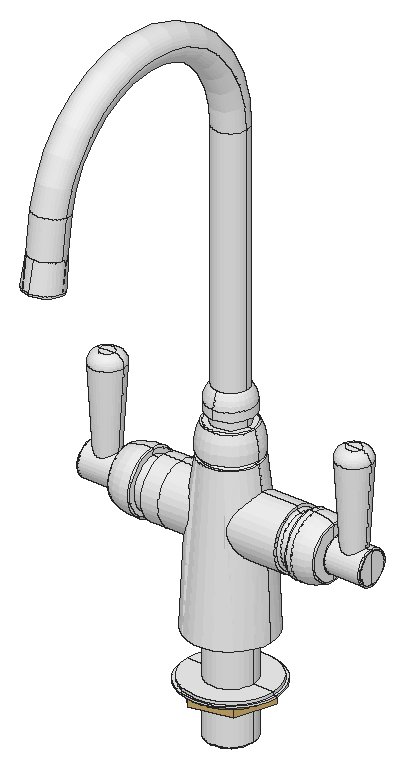
Revit family "Sanitary_Taps&Mixers_Zurn_Z826B1-XL", category Plumbing Fixtures, host Face, Revit 2022
Family settings
  Host = Face
  Round Connector Dimension = Use Radius
  Part Type = Normal
  OmniClass Number = 23.45.55.17
  OmniClass Title = Mixing Faucets
  Cut with Voids When Loaded = No
  Maintain Annotation Orientation = No
  Shared = No
  Room Calculation Point = No
Parameters (values of type "Z826B1-XL-16F (1.0 GPM SPRAY OUTLET)")
  Width of Handle = 2 1/2"  # constant formula
  Water Sense Compliance = 1 = 0  # no
  Waste Connection = 1 = 0  # no
  WFU = 0  # constant formula
  Vent Connection = 1 = 0  # no
  URL = "http://www.zurn.com/"
  Types of Outlet = "SPRAY"
  Spout Height from Base = 13 3/8"  # constant formula
  Spout length = 5 3/8"  # constant formula
  Product data URL = "https://www.bimobject.com/en-us/zurnindustries/product/zurn-z826b1-xl"
  Product Page URL = "https://www.zurn.com/products/finish-plumbing/aquaspec-manual-faucets/manual-faucets/z826b1-xl"
  Product Documentation Link = "https://files.zurn.com/spec-sheets/ss-z826b1-xl.pdf"
  Modified Date = "09/01/2025"  # constant formula
  Model = "Z826B1-XL"  # constant formula
  Manufacturer Brand = "Zurn"  # constant formula
  Manufacturer = "Zurn Water, LLC"  # constant formula
  Main Material = Brass - Zurn - Polished Chrome-Finish
  Lead- Free Compliant = 1 = 1  # yes
  Inlet Connection Size (inch) = 1/2"  # constant formula
  HWFU = 0  # constant formula
  HW Connection = 1 = 1  # yes
  Flow  Rate = 1 GPM
  Height from Spout Base to Areator = 9 1/4"  # constant formula
  Description = "Laboratory Faucet - Double"  # constant formula
  Default Elevation = 34"  # constant formula
  Date Created = "09/01/2025"  # constant formula
  CWFU = 1  # constant formula
  CW Connection = 1 = 1  # yes
  Assembly Code = "D2010"
  ADA Compliance = 1 = 1  # yes
Types (9): name | Types of Outlet | Flow  Rate
  Z826B1-XL-2F (2.2 GPM AERATOR OUTLET) | "AERATOR" | 2.2 GPM
  Z826B1-XL-3F (0.5 GPM SPRAY OUTLET) | "SPRAY" | 0.5 GPM
  Z826B1-XL-4F (2.2 GPM LAMINAR OUTLET) | "LAMINAR" | 2.2 GPM
  Z826B1-XL-16F (1.0 GPM SPRAY OUTLET) | "SPRAY" | 1 GPM
  Z826B1-XL-17F (1.5 GPM AERATOR OUTLET) | "AERATOR" | 1.5 GPM
  Z826B1-XL-18F (1.5 GPM LAMINAR OUTLET) | "LAMINAR" | 1.5 GPM
  Z826B1-XL-22F (1.0 GPM LAMINAR OUTLET) | "LAMINAR" | 1 GPM
  Z826B1-XL-25F (0.35 GPM SPRAY OUTLET) | "SPRAY" | 0.35 GPM
  Z826B1-XL-28F (0.5 GPM LAMINAR OUTLET) | "LAMINAR" | 0.5 GPM
Reference planes (in)
  plane 1 "Center (Front/Back)": y = 0
  plane 2: z = 0
  plane 3 "Center (Left/Right)": x = 0
Dimensions and locks (in)
  aligned and locked: plane 2 to host face
  aligned and locked: level to host face
  aligned and locked: plane 3 "Center (Left/Right)" to nested 1
  aligned and locked: plane 1 "Center (Front/Back)" to nested 1
  aligned and locked: host face to nested 1
Nested families (in)
  nested 1: "Z826B" at (0, 0, 0), type "Z826B"
Connectors (in)
  piping at (0, 0, -2.25), diameter 1, driven by "Inlet Connection Size (inch)", driven by "Flow  Rate", driven by "CW Connection"
    settings: on nested 1, index 1, connector inside diameter 609.6 mm, connector length 0", flow factor 0, pipe flow 1 GPM, pressure drop 0.0 Pa, fitting loss kfactor 0, connector angle 0.00°, fixture units 0, engagement length 0", angle of deflection 0.00°, flow configuration 0, flow direction 1, fitting loss method 0, system type 7, joint type 0, gender type 0, connector reference index -1, connector utility 1, adjustable connector no, is connector primary yes, connector description "Mixing Water Supply"
Definition of nested family "Z826B"
  Parameters (values of type "Z826B")
    Waste Connection = no
    Vent Connection = no
    Product Material = none
    HWFU = 0
    HW Connection = yes
    Diameter = 3/8"
    Default Elevation = 0"
    CWFU = 0
    CW Connection = yes
  Reference planes (in)
    plane 1 "Center (Front/Back)": y = 0
    plane 2: z = 0
    plane 3 "Center (Left/Right)": x = 0
    plane 4: y = -5.86492
    plane 5: y = 0.89331
    plane 6: x = 3.28435
    plane 7: x = -3.28435
  Forms (in)
    Revolve 1, solid, material <- "Product Material", detail levels fine
      sketch origin (0, 0, 0) x (1, 0, 0) y (0, 0, 1)
        loop
          line (0.53134, 0) -> (0.94061, 0)
          arc (0.94061, 0) -> (0.86215, 1.80492) -> (0.65815, 3.6) r 25.92061
          line (0.65815, 3.6) -> (0.59033, 3.6)
          arc (0.59033, 3.6) -> (0.55009, 3.61667) -> (0.53343, 3.6569) r 0.0569
          line (0.53343, 3.6569) -> (0.53343, 3.7) -> (0.66604, 3.7)
          arc (0.66604, 3.7) -> (0.65269, 4.00653) -> (0.5604, 4.29913) r 1.1742
          arc (0.5604, 4.29913) -> (0.5481, 4.31378) -> (0.53013, 4.32032) r 0.03696
          line (0.53013, 4.32032) -> (0.40382, 4.32032) -> (0.40382, 4.54775) -> (0, 4.54775) -> (0, 3.7) -> (0, 0) -> (0, -1.09636) -> (0.97884, -1.09636) -> (1.06766, -1.09636) -> (1.06766, -1.062) -> (1.00238, -1.062) -> (1.00238, -1) -> (0.53134, -1) -> (0.53134, 0)
        loop
          line (0.53134, -1.375) -> (0, -1.375) -> (0, -2.25) -> (0.50712, -2.25) -> (0.53134, -2.21878) -> (0.53134, -1.375)
        axis (0, 4.54775) -> (0, -2.25)
      angle from 0 to 360
    Revolve 2, solid, material <- "Product Material", detail levels fine
      sketch origin (0, 0, 0) x (1, 0, 0) y (0, 0, 1)
        loop
          arc (-2.37154, 1.78028) -> (-2.10924, 1.691) -> (-1.83238, 1.67998) r 0.96454
          arc (-1.83238, 1.67998) -> (-1.81362, 1.68775) -> (-1.80585, 1.70651) r 0.02653
          line (-1.80585, 1.70651) -> (-1.80585, 1.81801) -> (-1.609, 1.81801)
          arc (-1.609, 1.81801) -> (-1.56479, 1.79969) -> (-1.54648, 1.75549) r 0.06252
          line (-1.54648, 1.75549) -> (-1.54648, 1.70053) -> (-1.15278, 1.70053) -> (1.55315, 1.70053) -> (1.55315, 1.76046)
          arc (1.55315, 1.76046) -> (1.57041, 1.80213) -> (1.61208, 1.81939) r 0.05893
          line (1.61208, 1.81939) -> (1.81215, 1.81939) -> (1.81215, 1.71631)
          arc (1.81215, 1.71631) -> (1.82286, 1.69046) -> (1.84871, 1.67975) r 0.03656
          line (1.84871, 1.67975) -> (1.96611, 1.67975)
          arc (1.96611, 1.67975) -> (2.18179, 1.70623) -> (2.38465, 1.78411) r 0.89152
          arc (2.38465, 1.78411) -> (2.39775, 1.79675) -> (2.40215, 1.81441) r 0.03301
          line (2.40215, 1.81441) -> (2.40215, 2.19428) -> (2.46065, 2.19428) -> (2.46065, 2.03199)
          arc (2.46065, 2.03199) -> (2.46929, 2.01112) -> (2.49016, 2.00248) r 0.02951
          line (2.49016, 2.00248) -> (3.26561, 2.00248)
          arc (3.26561, 2.00248) -> (3.28331, 2.00981) -> (3.29065, 2.02752) r 0.02504
          line (3.29065, 2.02752) -> (3.29065, 2.38113) -> (2.40215, 2.38113) -> (0.5689, 2.38113) -> (-3.28435, 2.38113) -> (-3.28435, 2.03665)
          arc (-3.28435, 2.03665) -> (-3.27415, 2.01202) -> (-3.24952, 2.00181) r 0.03483
          line (-3.24952, 2.00181) -> (-2.4773, 2.00181)
          arc (-2.4773, 2.00181) -> (-2.45907, 2.01051) -> (-2.45435, 2.03015) r 0.02346
          line (-2.45435, 2.03015) -> (-2.45435, 2.19839) -> (-2.39585, 2.19839) -> (-2.39585, 1.80953)
          arc (-2.39585, 1.80953) -> (-2.39047, 1.79246) -> (-2.37628, 1.78157) r 0.02975
        axis (-3.28435, 2.38113) -> (3.29065, 2.38113)
      angle from 0 to 360
    Revolve 3, solid, material <- "Product Material"
      sketch origin (0, 0, 0) x (1, 0, 0) y (0, 0, 1)
        loop
          line (-2.86728, 4.75854) -> (-3.03581, 4.75854)
          arc (-3.03581, 4.75854) -> (-3.19254, 4.67829) -> (-3.24435, 4.51001) r 0.22638
          line (-3.24435, 4.51001) -> (-2.86728, 4.51001) -> (-2.86728, 4.75854)
        axis (-2.86728, 4.75854) -> (-2.86728, 4.51001)
      angle from 0 to 360
    Revolve 4, solid, material <- "Product Material"
      sketch origin (0, 0, 0) x (1, 0, 0) y (0, 0, 1)
        loop
          line (-2.86728, 4.51001) -> (-3.24435, 4.51001) -> (-3.13604, 2.62921) -> (-2.86728, 2.62921) -> (-2.86728, 4.51001)
        axis (-2.86728, 4.51001) -> (-2.86728, 2.62921)
      angle from 0 to 360
    Revolve 5, solid, material <- "Product Material"
      sketch origin (5.74293, 0, 0) x (1, 0, 0) y (0, 0, 1)
        loop
          line (-2.86728, 4.51001) -> (-3.24435, 4.51001) -> (-3.13604, 2.62921) -> (-2.86728, 2.62921) -> (-2.86728, 4.51001)
        axis (-2.86728, 4.51001) -> (-2.86728, 2.62921)
      angle from 0 to 360
    Revolve 6, solid, material <- "Product Material"
      sketch origin (5.745, 0, 0) x (1, 0, 0) y (0, 0, 1)
        loop
          line (-2.86728, 4.75854) -> (-3.03581, 4.75854)
          arc (-3.03581, 4.75854) -> (-3.19254, 4.67829) -> (-3.24435, 4.51001) r 0.22638
          line (-3.24435, 4.51001) -> (-2.86728, 4.51001) -> (-2.86728, 4.75854)
        axis (-2.86728, 4.75854) -> (-2.86728, 4.51001)
      angle from 0 to 360
    Revolve 7, solid, material <- "Product Material"
      sketch origin (0, 0, 0) x (0, 1, 0) y (0, 0, 1)
        loop
          line (0, 5.2412) -> (0, 4.75534) -> (0, 4.54543) -> (0.51183, 4.54543) -> (0.51183, 4.74628)
          arc (0.51183, 4.74628) -> (0.36086, 5.10227) -> (0, 5.2412) r 0.4952
        axis (0, 5.2412) -> (0, 4.54543)
      angle from 0 to 360
    Extrusion 8, solid, detail levels fine
      sketch origin (0, 0, 0) x (1, 0, 0) y (0, 1, 0)
        loop
          line (0.29351, 0.89365) -> (-0.62559, 0.69829) -> (-0.91596, -0.19536) -> (-0.28722, -0.89365) -> (0.63189, -0.69829) -> (0.92225, 0.19536) -> (0.29351, 0.89365)
      from -1.375 to -1.175
    Revolve 9, solid, material <- "Product Material", detail levels coarse+medium
      sketch origin (0, 0, 0) x (1, 0, 0) y (0, 0, 1)
        loop
          line (-3.28435, 2.37254) -> (-0.00935, 2.37254) -> (3.28435, 2.37254) -> (3.28435, 2.74751) -> (2.39648, 2.74751) -> (2.39648, 3.06173) -> (1.54648, 3.06173) -> (0.73265, 3.06173) -> (0, 3.06173) -> (-0.73265, 3.06173) -> (-2.37154, 3.06173) -> (-2.37154, 2.74751) -> (-3.28435, 2.74751) -> (-3.28435, 2.37254)
        axis (-3.28435, 2.37254) -> (3.28435, 2.37254)
      angle from 0 to 360
    Revolve 10, solid, material <- "Product Material", detail levels coarse+medium
      sketch origin (0, 0, 0) x (1, 0, 0) y (0, 0, 1)
        loop
          line (0, 4.54543) -> (0, 0) -> (0.54032, 0) -> (0.94061, 0) -> (0.94061, 3.6) -> (0.41454, 3.6) -> (0.41454, 4.54543) -> (0, 4.54543)
        axis (0, 4.54543) -> (0, 0)
      angle from 0 to 360
    Revolve 11, solid, material <- "Product Material", detail levels coarse+medium
      sketch origin (0, 0, 0) x (1, 0, 0) y (0, 0, 1)
        loop
          line (0, 0) -> (0, -2.25) -> (0.54032, -2.25) -> (0.54032, 0) -> (0, 0)
        axis (0, 0) -> (0, -2.25)
      angle from 0 to 360
    Revolve 12, solid, detail levels fine
      sketch origin (0, 0, 0) x (1, 0, 0) y (0, 0, 1)
        loop
          line (0, -1.095) -> (0, -1.175) -> (0.94614, -1.175)
          arc (0.94614, -1.175) -> (0.97265, -1.16402) -> (0.98363, -1.1375) r 0.0375
          line (0.98363, -1.1375) -> (0.98363, -1.095) -> (0, -1.095)
        axis (0, -1.095) -> (0, -1.175)
      angle from 0 to 360
    Revolve 13, solid, material <- "Product Material"
      sketch origin (0, 0, -0.02344) x (1, 0, 0) y (0, 0, 1)
        loop
          line (3.23767, 2.4029) -> (3.29264, 2.4029) -> (3.29264, 2.73929) -> (3.23767, 2.73929) -> (3.23767, 2.4029)
        axis (3.23767, 2.4029) -> (3.29264, 2.4029)
      angle from 0 to 360
    Revolve 14, solid, material <- "Product Material"
      sketch origin (0, 0, -0.02344) x (-1, 0, 0) y (0, 0, 1)
        loop
          line (3.23767, 2.4029) -> (3.28673, 2.4029) -> (3.28673, 2.72548) -> (3.23767, 2.72548) -> (3.23767, 2.4029)
        axis (3.28673, 2.4029) -> (3.23767, 2.4029)
      angle from 0 to 360
    Sweep 15, solid, material <- "Product Material"
      path origin (0, 0, 0) x (0, 1, 0) y (0, 0, 1)
        loop
          line (0, 4.99419) -> (0, 10.49419)
          arc (0, 10.49419) -> (-2.40537, 13.11919) -> (-5.23002, 10.95176) r 2.63503
          line (-5.23002, 10.95176) -> (-5.45258, 9.42235)
      profile origin (0, 0, 7.74419) x (0, -1, 0) y (1, 0, 0)
        loop
          circle (-0.00025, -0.00026) r 0.37662
    Revolve 16, solid, material <- "Product Material", detail levels fine
      sketch origin (0, 0, 0) x (0, 1, 0) y (0, 0, 1)
        loop
          line (-5.7301, 10.1583) -> (-5.86492, 9.52401) -> (-5.86492, 9.48235) -> (-5.82922, 9.47716) -> (-5.7301, 10.1583)
        axis (-5.35371, 10.10353) -> (-5.45284, 9.42239)
      angle from 0 to 360
  Cuts and joins
    joined: Revolve 1, Revolve 2
  Lines and regions (in)
    Masking region 1, detail levels coarse+medium
      outline origin (0, 0, 0) x (1, 0, 0) y (0, 1, 0)
        loop
          line (-2.37154, 0.68919) -> (-2.37154, 0.37457) -> (-3.28435, 0.37457) -> (-3.28435, -0.37497) -> (-2.37154, -0.37497) -> (-2.37154, -0.68919) -> (-0.64013, -0.68919)
          arc (-0.64013, -0.68919) -> (-0.51548, -0.78679) -> (-0.37624, -0.86209) r 0.94061
          line (-0.37624, -0.86209) -> (-0.37624, -5.45009)
          arc (-0.37624, -5.45009) -> (0.00072, -5.82704) -> (0.37767, -5.45009) r 0.37695
          line (0.37767, -5.45009) -> (0.37767, -0.84944)
          arc (0.37767, -0.84944) -> (0.51723, -0.78692) -> (0.63484, -0.68919) r 0.56374
          line (0.63484, -0.68919) -> (2.39648, -0.68919) -> (2.39648, -0.37497) -> (3.28435, -0.37497) -> (3.28435, 0.38244) -> (2.39648, 0.38244) -> (2.39648, 0.68919) -> (0.64013, 0.68919)
          arc (0.64013, 0.68919) -> (0.0027, 0.93578) -> (-0.63473, 0.68919) r 0.94719
          line (-0.63473, 0.68919) -> (-2.37154, 0.68919)
    Masking region 2, detail levels fine
      outline origin (0, 0, 0) x (1, 0, 0) y (0, 1, 0)
        loop
          line (-3.28419, 0.34305) -> (-3.28419, -0.34594)
          arc (-3.28419, -0.34594) -> (-3.27408, -0.37035) -> (-3.24967, -0.38046) r 0.03452
          line (-3.24967, -0.38046) -> (-2.4794, -0.38046)
          arc (-2.4794, -0.38046) -> (-2.46188, -0.3732) -> (-2.45462, -0.35568) r 0.02478
          line (-2.45462, -0.35568) -> (-2.45462, -0.1838) -> (-2.39585, -0.1838) -> (-2.39585, -0.56927)
          arc (-2.39585, -0.56927) -> (-2.38907, -0.5892) -> (-2.37154, -0.60085) r 0.03267
          arc (-2.37154, -0.60085) -> (-2.10983, -0.69331) -> (-1.83238, -0.70116) r 0.89516
          arc (-1.83238, -0.70116) -> (-1.8136, -0.69338) -> (-1.80582, -0.6746) r 0.02656
          line (-1.80582, -0.6746) -> (-1.80582, -0.56402) -> (-1.6081, -0.56402)
          arc (-1.6081, -0.56402) -> (-1.56453, -0.58206) -> (-1.54648, -0.62563) r 0.06162
          line (-1.54648, -0.62563) -> (-1.54648, -0.6806) -> (-0.78638, -0.6806)
          arc (-0.78638, -0.6806) -> (-0.60242, -0.84776) -> (-0.38405, -0.96649) r 1.04
          line (-0.38405, -0.96649) -> (-0.38405, -5.2745)
          arc (-0.38405, -5.2745) -> (0.00808, -5.86485) -> (0.37767, -5.26013) r 0.42022
          line (0.37767, -5.26013) -> (0.37767, -0.969)
          arc (0.37767, -0.969) -> (0.59962, -0.84974) -> (0.78638, -0.6806) r 1.04
          line (0.78638, -0.6806) -> (1.54648, -0.6806) -> (1.54648, -0.62563)
          arc (1.54648, -0.62563) -> (1.56453, -0.58206) -> (1.6081, -0.56402) r 0.06162
          line (1.6081, -0.56402) -> (1.80582, -0.56402) -> (1.80582, -0.6746)
          arc (1.80582, -0.6746) -> (1.8136, -0.69338) -> (1.83238, -0.70116) r 0.02656
          arc (1.83238, -0.70116) -> (2.10983, -0.69331) -> (2.37154, -0.60085) r 0.89516
          arc (2.37154, -0.60085) -> (2.38907, -0.5892) -> (2.39585, -0.56927) r 0.03267
          line (2.39585, -0.56927) -> (2.39585, -0.1838) -> (2.45462, -0.1838) -> (2.45462, -0.35568)
          arc (2.45462, -0.35568) -> (2.46188, -0.3732) -> (2.4794, -0.38046) r 0.02478
          line (2.4794, -0.38046) -> (3.24967, -0.38046)
          arc (3.24967, -0.38046) -> (3.27408, -0.37035) -> (3.28419, -0.34594) r 0.03452
          line (3.28419, -0.34594) -> (3.28419, 0.34305)
          arc (3.28419, 0.34305) -> (3.2734, 0.36909) -> (3.24736, 0.37988) r 0.03683
          line (3.24736, 0.37988) -> (2.4737, 0.37988)
          arc (2.4737, 0.37988) -> (2.45928, 0.37041) -> (2.45415, 0.35393) r 0.02559
          line (2.45415, 0.35393) -> (2.45415, 0.18141) -> (2.39585, 0.18141) -> (2.39585, 0.57151)
          arc (2.39585, 0.57151) -> (2.38898, 0.59056) -> (2.37154, 0.60085) r 0.02986
          arc (2.37154, 0.60085) -> (2.11035, 0.69093) -> (1.83433, 0.70311) r 0.96259
          arc (1.83433, 0.70311) -> (1.81385, 0.69463) -> (1.80536, 0.67414) r 0.02897
          line (1.80536, 0.67414) -> (1.80536, 0.56444) -> (1.60737, 0.56444)
          arc (1.60737, 0.56444) -> (1.56763, 0.57891) -> (1.54648, 0.61554) r 0.06183
          line (1.54648, 0.61554) -> (1.54648, 0.6806) -> (0.78638, 0.6806)
          arc (0.78638, 0.6806) -> (0.43471, 0.94891) -> (0, 1.03072) r 0.95842
          arc (0, 1.03072) -> (-0.43471, 0.94891) -> (-0.78638, 0.6806) r 0.95842
          line (-0.78638, 0.6806) -> (-1.54648, 0.6806) -> (-1.54648, 0.61554)
          arc (-1.54648, 0.61554) -> (-1.56763, 0.57891) -> (-1.60737, 0.56444) r 0.06183
          line (-1.60737, 0.56444) -> (-1.80536, 0.56444) -> (-1.80536, 0.67414)
          arc (-1.80536, 0.67414) -> (-1.81385, 0.69463) -> (-1.83433, 0.70311) r 0.02897
          arc (-1.83433, 0.70311) -> (-2.11035, 0.69093) -> (-2.37154, 0.60085) r 0.96259
          arc (-2.37154, 0.60085) -> (-2.38898, 0.59056) -> (-2.39585, 0.57151) r 0.02986
          line (-2.39585, 0.57151) -> (-2.39585, 0.18141) -> (-2.45415, 0.18141) -> (-2.45415, 0.35393)
          arc (-2.45415, 0.35393) -> (-2.45928, 0.37041) -> (-2.4737, 0.37988) r 0.02559
          line (-2.4737, 0.37988) -> (-3.24736, 0.37988)
          arc (-3.24736, 0.37988) -> (-3.2734, 0.36909) -> (-3.28419, 0.34305) r 0.03683
    symbolic lines
      curve 1: circle (-2.86962, 0, 0) r 0.17415 normal (0, 0, 1)
      curve 2: circle (-2.87492, 0, 0) r 0.37744 normal (0, 0, 1)
      curve 3: circle (2.86962, 0, 0) r 0.17415 normal (0, 0, -1)
      curve 4: circle (2.87492, 0, 0) r 0.37744 normal (0, 0, -1)
      curve 9: line (-0.38405, -0.85864, 0) -> (-0.38405, 0, 0)
      curve 10: line (0.37767, -0.86147, 0) -> (0.37767, 0, 0)
      curve 11: arc (0.37767, 0, 0) -> (-0.00319, 0.38086, 0) -> (-0.38405, 0, 0) r 0.38086
      curve 20: arc (-0.66604, 0, 0) -> (0, 0.66604, 0) -> (0.66604, 0, 0) r 0.66604
      curve 21: arc (0.66604, 0, 0) -> (0.58956, -0.30989, 0) -> (0.37767, -0.54861, 0) r 0.66604
      curve 32: arc (-0.38405, -0.54416, 0) -> (-0.59135, -0.30644, 0) -> (-0.66604, 0, 0) r 0.66604
    symbolic lines, detail levels coarse+medium
      curve 5: line (-2.37154, 0.37497, 0) -> (-2.37154, -0.37497, 0)
      curve 6: line (2.39648, 0.37497, 0) -> (2.39648, -0.37497, 0)
      curve 7: arc (-0.63608, 0.68795, 0) -> (-0.93593, -0.00396, 0) -> (-0.63025, -0.69332, 0) r 0.93908
      curve 8: arc (0.65019, -0.6806, 0) -> (0.94222, 0.00563, 0) -> (0.64199, 0.68831, 0) r 0.93908
    symbolic lines, detail levels fine
      curve 12: line (-2.45487, 0.18294, 0) -> (-2.45487, -0.17782, 0)
      curve 13: line (-2.39585, 0.18274, 0) -> (-2.39585, -0.18274, 0)
      curve 14: line (-1.83238, 0.70116, 0) -> (-1.83238, -0.70116, 0)
      curve 15: line (-2.37154, 0.60085, 0) -> (-2.37154, -0.60085, 0)
      curve 16: line (-1.80585, 0.56313, 0) -> (-1.80585, -0.56279, 0)
      curve 17: line (-1.54648, -0.61419, 0) -> (-1.54648, 0.62353, 0)
      curve 18: arc (0.94061, 0, 0) -> (0, 0.94061, 0) -> (-0.94061, 0, 0) r 0.94061
      curve 19: arc (-0.94061, 0, 0) -> (-0.7893, -0.51162, 0) -> (-0.38405, -0.85864, 0) r 0.94061
      curve 22: arc (0.73591, 0.6806, 0) -> (0, 1.00238, 0) -> (-0.73591, 0.6806, 0) r 1.00238
      curve 23: arc (0.37767, -0.86147, 0) -> (0.7874, -0.51455, 0) -> (0.94061, 0, 0) r 0.94061
      curve 24: arc (0.73591, -0.6806, 0) -> (0.57042, -0.82425, 0) -> (0.37767, -0.92851, 0) r 1.00238
      curve 25: arc (-0.38405, -0.92589, 0) -> (-0.57325, -0.82229, 0) -> (-0.73591, -0.6806, 0) r 1.00238
      curve 26: line (2.45487, 0.18294, 0) -> (2.45487, -0.17782, 0)
      curve 27: line (2.39585, 0.18274, 0) -> (2.39585, -0.18274, 0)
      curve 28: line (1.83238, 0.70116, 0) -> (1.83238, -0.70116, 0)
      curve 29: line (2.37154, 0.60085, 0) -> (2.37154, -0.60085, 0)
      curve 30: line (1.80585, 0.56313, 0) -> (1.80585, -0.56279, 0)
      curve 31: line (1.54648, -0.61419, 0) -> (1.54648, 0.62353, 0)
      curve 33: line (-0.78638, 0.6806, 0) -> (-0.64926, 0.6806, 0)
      curve 34: line (0.78638, 0.6806, 0) -> (0.65019, 0.6806, 0)
      curve 35: line (-0.78638, -0.6806, 0) -> (-0.64389, -0.6806, 0)
      curve 36: line (-0.38405, -0.96649, 0) -> (-0.38405, -0.85864, 0)
      curve 37: line (0.78638, -0.6806, 0) -> (0.65019, -0.6806, 0)
      curve 38: line (0.37767, -0.969, 0) -> (0.37767, -0.86147, 0)
      curve 39: line (-0.38402, -5.27487, 0) -> (-0.38402, -5.34976, 0)
      curve 40: line (0.37767, -5.26013, 0) -> (0.37767, -5.34976, 0)
      curve 41: arc (-0.38402, -5.34976, 0) -> (-0.00318, -5.73061, 0) -> (0.37767, -5.34976, 0) r 0.38085
      curve 42: arc (-0.38402, -5.27487, 0) -> (0.00336, -5.60526, 0) -> (0.37767, -5.26013, 0) r 0.38367
  Dimensions and locks (in)
    aligned and locked: level to plane 2
